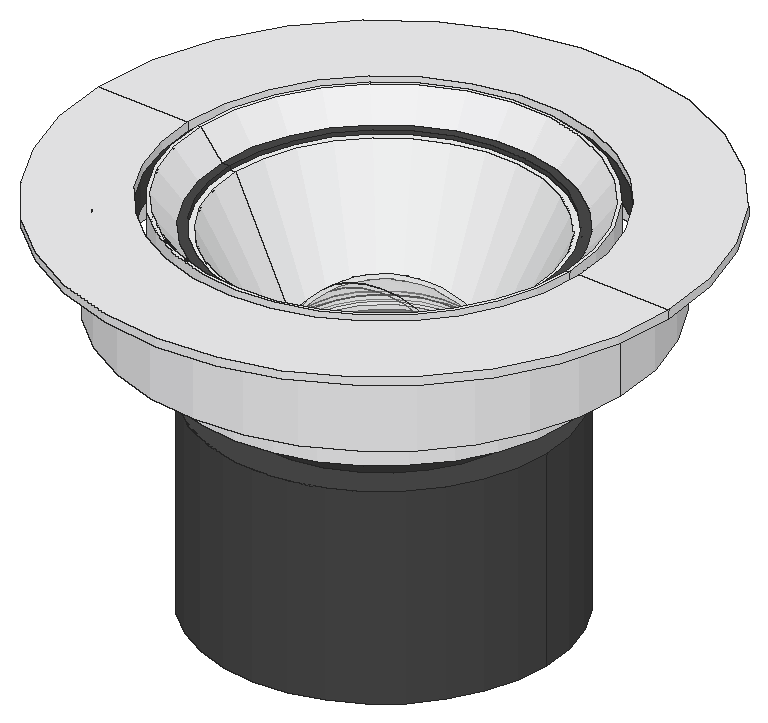
Revit family "2070078", category Lighting Fixtures, host Face, Revit 2018
Family settings
  Host = Face
  Round Connector Dimension = Use Diameter
  Part Type = Normal
  OmniClass Number = 23.80.70.11.17
  OmniClass Title = Specialized Lighting by Location or Use
  Cut with Voids When Loaded = No
  Light Source = No
  Shared = No
  Room Calculation Point = No
Parameters (values of type "2070078 EXPOSPOT 90 ADJ HO RA90 4000K WB WHITE")
  Weight = 0.77 kg  # constant formula
  Total Power Consumption = 27.9994 W
  Reflector Material = Aluminum_Sylvania_Expospot_Polished
  Radius = Diameter / 2  # 75.0 mm
  Product Code = "0060262"
  Photometric Web File = IES_Expospot_90_Adjustable : 0060296
  Photobiological Risk Group = "RG1"  # constant formula
  Nominal Frequency = "50/60Hz"  # constant formula
  Mounting Outer Radius = Head Radius + 3.0 mm  # 52.0 mm
  Max. Luminaires per 20A C Breaker = "45"  # constant formula
  Max. Luminaires per 20A B Breaker = "27"  # constant formula
  Max. Luminaires per 16A C Breaker = "35"  # constant formula
  Max. Luminaires per 16A B Breaker = "21"  # constant formula
  Max. Luminaires per 13A C Breaker = "28"  # constant formula
  Max. Luminaires per 13A B Breaker = "17"  # constant formula
  Max. Luminaires per 10A C Breaker = "21"  # constant formula
  Max. Luminaires per 10A B Breaker = "13"  # constant formula
  Light Loss Factor = 1  # constant formula
  Lamp Power Factor = 0.92
  LOR = "100%"  # constant formula
  Keynote = "n/a"
  Inrush Duration = "250µs"  # constant formula
  Inrush Current = 19.4 A  # constant formula
  Initial Intensity = 3126 lm
  Initial Color = 3000 K
  IP Rating = "IP20"  # constant formula
  IK Rating = "IK02"  # constant formula
  Height = 103.0 mm  # constant formula
  Voltage Comments = "220-240V~"  # constant formula
  Voltage = 240 V  # constant formula
  URL = "0.95"
  Product Page URL = "http://www.sylvania-lighting.com/product/en-int/products/0060262"
  Product Family = "EXPOSPOT 90 ADJUSTABLE"  # constant formula
  Head Radius = Radius - 26.0 mm  # 49.0 mm
  Head Diameter = Head Radius * 2  # 98.0 mm
  Head Angle [instance] = 0°
  Glow Wire Test = 850 °C  # constant formula
  Electrical Protection = "Class II"  # constant formula
  Drive Current = "700mA"  # constant formula
  Dimmable = "N"  # constant formula
  Diffuser Material = Acrylic_Sylvania_Expospot_3000K
  Diameter = 150.0 mm  # constant formula
  Cutout Diameter = Diameter - 10.0 mm  # 140.0 mm
  Created by URL = "http://all1studio.com/"
  Created by = "All 1 Studio Ltd. "  # constant formula
  Control Gear Type = "Electronic"  # constant formula
  Control Gear Required = "No"  # constant formula
  Control Gear Mounting = "Remote"  # constant formula
  Colour Variation Initial = "3SDCM"  # constant formula
  built-in parameter 1114216 [instance] = 1 (stored number, unit not read)
  Model = "EXPOSPOT 90 ADJUSTABLE HO RA90 4000K WB WHITE"
  Manufacturer = "Feilo Sylvania"  # constant formula
  Lamp = "LED"  # constant formula
  CRI = "80Ra"
  Body Material = Aluminum_Sylvania_Expospot_White
  Description = "Specifically designed for Retail and Display applications. I.e. Supermarkets Fashion Retail Department stores. Build around a 90mm reflector and lens combination."  # constant formula
  Default Elevation = 0.0 mm
  built-in parameter 1140040 [instance] = 1
  Beam Angle = 47°
  Average Life = "50 000h"  # constant formula
  Assembly Code = "D5020200"
  Apparent Load Comments = ""
  Apparent Load = 35 VA
  Body Secondary Material = Plastic_Sylvania_Expospot_Black
Reference planes
  plane 1 "Center (Front/Back)": y = 0
  plane 2: z = 0
  plane 3 "Center (Left/Right)": x = -7.423
  plane 4: z = 2
  plane 5: z = -22.5
  plane 6: x = -82.423
  plane 7: z = -5
Forms (mm)
  Revolve 1, solid, material "Aluminum_Sylvania_Expospot_White" <- "Body Material", detail levels fine
    sketch origin (0, 0, 0) x (1, 0, 0) y (0, 0, 1)
      loop
        line (-82.423, 2) -> (-82.423, 0) -> (-69.923, 0) -> (-69.923, -22.5) -> (-67.923, -22.5) -> (-67.923, 0) -> (-58.923, 0) -> (-58.923, 2) -> (-82.423, 2)
      axis (-7.423, 2) -> (-7.423, -22.5)
    angle from 0 to 360
  Revolve 2, solid, material "Plastic_Sylvania_Expospot_Black" <- "Body Secondary Material", detail levels fine
    sketch origin (0, 0, 0) x (1, 0, 0) y (0, 0, 1)
      loop
        line (-67.923, 0) -> (-67.923, -1.5) -> (-60.923, -1.5) -> (-60.923, -8.5) -> (-59.423, -8.5) -> (-59.423, 0) -> (-67.923, 0)
      axis (-7.423, 0) -> (-7.423, -8.5)
    angle from 0 to 360
  Extrusion 3, void
    sketch origin (0, 0, 0) x (1, 0, 0) y (0, 1, 0)
      loop
        circle (-7.423, 0) r 70
    from -116.997 to 69.443
  Extrusion 4, solid, material "Aluminum_Sylvania_Expospot_White" <- "Body Material", detail levels fine
    sketch origin (-7.423, 0, 0) x (0, 1, 0) y (0, 0, 1)
      loop
        circle (0, -5) r 3.5
    from 49 <- "Head Radius" to 52 <- "Mounting Outer Radius"
  Extrusion 5, solid, material "Aluminum_Sylvania_Expospot_White" <- "Body Material", detail levels fine
    sketch origin (-7.423, 0, 0) x (0, 1, 0) y (0, 0, -1)
      loop
        circle (0, 5) r 3.5
    from 49 <- "Head Radius" to 52 <- "Mounting Outer Radius"
  Revolve 6, solid, material "Aluminum_Sylvania_Expospot_White" <- "Body Material", detail levels coarse+medium
    sketch origin (0, 0, 0) x (1, 0, 0) y (0, 0, 1)
      loop
        line (-82.423, 2) -> (-82.423, 0) -> (-69.923, 0) -> (-69.923, -22.5) -> (-67.923, -22.5) -> (-67.923, -8.5) -> (-58.923, -8.5) -> (-58.923, 2) -> (-82.423, 2)
      axis (-7.423, 2) -> (-7.423, -22.5)
    angle from 0 to 360
Lines and regions (mm)
  Masking region 1
    outline origin (0, 0, 0) x (1, 0, 0) y (0, 1, 0)
      loop
        circle (-7.423, 0) r 75
  reference lines
    curve 1: line (-7.423, 0, -5) -> (-7.423, 0, -60)
  symbolic lines, detail levels fine
    curve 2: arc (-58.923, 0, 0) -> (-7.423, 51.5, 0) -> (44.077, 0, 0) r 51.5
    curve 3: arc (44.077, 0, 0) -> (-7.423, -51.5, 0) -> (-58.923, 0, 0) r 51.5
Dimensions and locks
  plane 4 to plane 2 to plane 7 to plane 5 = 2.0 mm locked, 5.0 mm locked, 17.5 mm locked
  "Radius": plane 6 to plane 3 "Center (Left/Right)"
  "Cutout Diameter": diameter of Extrusion 3 sketch curve
  "Head Angle": angle plane 1 "Center (Front/Back)" to curve 1
  aligned and locked: host face to plane 2
  aligned and locked: host face to level
  aligned and locked: plane 6 to Revolve 1 sketch curve
  aligned and locked: Revolve 1 sketch curve to plane 3 "Center (Left/Right)"
  aligned and locked: plane 1 "Center (Front/Back)" to curve 1
  aligned and locked: plane 7 to curve 1
  aligned and locked: plane 6 to Revolve 6 sketch curve
Automatic sketch dimensions
  host sketch curve to host sketch curve = 1412.252 mm
  host sketch curve to host sketch curve = 1359.6 mm
  Revolve 1 sketch curve to level = 0.0 mm  (x2)
  Revolve 1 sketch curve to plane 5 = 0.0 mm
  Revolve 1 sketch curve to plane 4 = 0.0 mm
  Revolve 1 sketch curve to Revolve 1 sketch curve = 12.5 mm
  Revolve 1 sketch curve to Revolve 1 sketch curve = 2.0 mm
  Revolve 1 sketch curve to Revolve 1 sketch curve = 9.0 mm
  Revolve 1 sketch curve to plane 5 = 349.774 mm
  plane 4 to Revolve 1 sketch curve = 1145.706 mm
  Revolve 2 sketch curve to level = 0.0 mm
  Revolve 2 sketch curve to plane 3 "Center (Left/Right)" = 0.0 mm
  Revolve 2 sketch curve to plane 6 = 23.0 mm
  Revolve 2 sketch curve to Revolve 2 sketch curve = 1.5 mm
  Revolve 2 sketch curve to level = 1.5 mm
  Revolve 2 sketch curve to Revolve 2 sketch curve = 7.0 mm
  Revolve 2 sketch curve to plane 7 = 3.5 mm
  Revolve 2 sketch curve to plane 5 = 349.774 mm
  plane 4 to Revolve 2 sketch curve = 1145.706 mm
  plane 1 "Center (Front/Back)" to Extrusion 3 sketch curve = 0.0 mm
  Extrusion 3 sketch curve to plane 3 "Center (Left/Right)" = 0.0 mm
  Extrusion 4 sketch curve to plane 1 "Center (Front/Back)" = 0.0 mm
  Extrusion 4 sketch curve to plane 7 = 0.0 mm
  Extrusion 5 sketch curve to plane 1 "Center (Front/Back)" = 0.0 mm
  Extrusion 5 sketch curve to plane 7 = 0.0 mm
  Revolve 6 sketch curve to level = 0.0 mm
  Revolve 6 sketch curve to plane 5 = 0.0 mm
  Revolve 6 sketch curve to plane 4 = 0.0 mm
  Revolve 6 sketch curve to plane 3 "Center (Left/Right)" = 0.0 mm
  Revolve 6 sketch curve to plane 6 = 12.5 mm
  Revolve 6 sketch curve to plane 7 = 3.5 mm
  Revolve 6 sketch curve to Revolve 6 sketch curve = 9.0 mm
  Revolve 6 sketch curve to plane 5 = 349.774 mm
  plane 4 to Revolve 6 sketch curve = 1145.706 mm
  Revolve 6 sketch curve to Revolve 6 sketch curve = 2.0 mm
  Masking region 1 sketch curve to Masking region 1 sketch curve = 0.0 mm  (x2)
  plane 1 "Center (Front/Back)" to Masking region 1 sketch curve = 0.0 mm
  Masking region 1 sketch curve to plane 6 = 0.0 mm
  Masking region 1 sketch curve to plane 3 "Center (Left/Right)" = 0.0 mm
  curve 2 to curve 3 = 0.0 mm  (x2)
  plane 1 "Center (Front/Back)" to curve 2 = 0.0 mm
  curve 3 to plane 3 "Center (Left/Right)" = 0.0 mm
  curve 3 to plane 6 = 23.5 mm
  radius of Extrusion 4 sketch curve = 3.5 mm
  radius of Extrusion 5 sketch curve = 3.5 mm
Nested families
  nested 1: "Head_Expospot 90" at (-7.423, 0, 2), type "Head_Expospot 90"
  nested 2: "IES_Expospot_90_Adjustable" at (-7.423, 0, 2), type <- "Photometric Web File", type "0060296"
Connectors
  electrical at (-7.423, 0, -101), driven by "Voltage", driven by "Apparent Load", driven by "Lamp Power Factor"
    settings: on nested 1, index 1, voltage 240 V, apparent load 0 VA, apparent load phase1 35 VA, apparent load phase2 0 VA, apparent load phase3 0 VA, power factor 0.92, load classification "Lighting", number of poles 1, system type 31, power factor state 1, is connector primary yes, connector utility no, sub classification motor no, connector description ""
Definition of nested family "Head_Expospot 90"
  Parameters (values of type "Head_Expospot 90")
    Reflector Material = none
    Radius = 49.0 mm
    Height = 103.0 mm
    Diffuser Material = none
    Default Elevation = 0.0 mm
    Cooling Radius = Radius - 6.0 mm  # 43.0 mm
    Body Secondary Material = none
    Body Material = none
  Reference planes
    plane 1 "Center (Front/Back)": y = 0
    plane 2: z = 0
    plane 3 "Center (Left/Right)": x = 0
    plane 4: z = -35.5
    plane 5: z = -6.5
    plane 6 "Fixture Radius": x = -49
    plane 7: z = -45
    plane 8: z = -95
    plane 9: z = -103
    plane 10 "Diffuser Radius": x = -24.5
    plane 11: z = -36.5
  Forms (mm)
    Revolve 1, solid, material <- "Body Material", detail levels fine
      sketch origin (0, 0, 0) x (1, 0, 0) y (0, 0, 1)
        loop
          line (-49, 0) -> (-49, -35.5) -> (-47, -35.5) -> (-47, -4.542) -> (-45.357, -6.5) -> (-42.746, -6.5) -> (-48.2, 0) -> (-49, 0)
        axis (0, 0) -> (0, -35.5)
      angle from 0 to 360
    Revolve 2, solid, material <- "Reflector Material", detail levels fine
      sketch origin (0, 0, 0) x (1, 0, 0) y (0, 0, 1)
        loop
          line (-41, -7.5) -> (-41, -8.5) -> (-39.623, -8.5) -> (-25.123, -37.5) -> (-20.5, -37.5) -> (-20.5, -36.5) -> (-24.5, -36.5) -> (-39, -7.5) -> (-41, -7.5)
        axis (0, -7.5) -> (0, -37.5)
      angle from 0 to 360
    Revolve 3, solid, material <- "Body Secondary Material", detail levels fine
      sketch origin (0, 0, 0) x (1, 0, 0) y (0, 0, 1)
        loop
          line (-47, -6.5) -> (-47, -35.5) -> (-42.5, -35.5) -> (-35.078, -45) -> (0, -45) -> (0, -37.5) -> (-24.5, -37.5) -> (-24.5, -44) -> (-34.59, -44) -> (-42.012, -34.5) -> (-46, -34.5) -> (-46, -7.5) -> (-40.5, -7.5) -> (-40.5, -6.5) -> (-47, -6.5)
        axis (0, -6.5) -> (0, -45)
      angle from 0 to 360
    Revolve 4, solid, material <- "Body Secondary Material", detail levels fine
      sketch origin (0, 0, 0) x (1, 0, 0) y (0, 0, 1)
        loop
          line (-30, -95) -> (-30, -97) -> (-28, -103) -> (0, -103) -> (0, -95) -> (-30, -95)
        axis (0, -95) -> (0, -103)
      angle from 0 to 360
    Extrusion 5, solid, material <- "Body Secondary Material", detail levels fine
      sketch origin (0, 0, 0) x (1, 0, 0) y (0, 1, 0)
        loop
          circle (0, 0) r 43
      from -95 to -45
    Extrusion 6, solid, material <- "Body Material", detail levels coarse+medium
      sketch origin (0, 0, 0) x (1, 0, 0) y (0, 1, 0)
        loop
          circle (0, 0) r 49
      from -103 to 0
    Revolve 7, solid, material <- "Diffuser Material", detail levels fine
      sketch origin (0, 0, 0) x (1, 0, 0) y (0, 0, 1)
        loop
          line (-22.5, -34.5) -> (-22.5, -36.5) -> (-21.5, -36.5) -> (-21.5, -34.77)
          arc (-21.5, -34.77) -> (-12.378, -25.783) -> (0, -22.5) r 24.971
          line (0, -22.5) -> (0, -21.5)
          arc (0, -21.5) -> (-12.993, -24.984) -> (-22.5, -34.5) r 25.971
        axis (0, -21.5) -> (0, -36.5)
      angle from 0 to 360
  Dimensions and locks
    "Radius": plane 3 "Center (Left/Right)" to plane 6 "Fixture Radius"
    locked: Revolve 4 sketch curve to plane 6 "Fixture Radius" at 19
    locked: plane 10 "Diffuser Radius" to plane 6 "Fixture Radius" at 24.5
    Revolve 7 sketch curve to Revolve 7 sketch curve to plane 11 = 1.0 mm locked, 14.0 mm locked
    plane 10 "Diffuser Radius" to Revolve 7 sketch curve to Revolve 7 sketch curve = 2.0 mm locked, 1.0 mm locked
    "Height": plane 2 to plane 9
    locked: plane 8 to plane 9 at 8
    plane 2 to plane 5 to plane 4 to plane 11 to plane 7 = 6.5 mm locked, 29.0 mm locked, 1.0 mm locked, 8.5 mm locked
    "Radius": radius of Extrusion 6 sketch curve
    "Cooling Radius": radius of Extrusion 5 sketch curve
    aligned and locked: level to plane 2
    aligned and locked: Revolve 1 sketch curve to plane 6 "Fixture Radius"
    aligned and locked: Extrusion 5 to plane 8
    aligned and locked: plane 7 to Extrusion 5
    aligned and locked: Extrusion 6 to plane 9
    aligned and locked: plane 2 to Extrusion 6
    aligned and locked: Revolve 1 sketch curve to plane 4
  Automatic sketch dimensions
    Revolve 4 sketch curve to plane 8 = 0.0 mm
    Revolve 4 sketch curve to plane 9 = 0.0 mm
    Revolve 4 sketch curve to plane 3 "Center (Left/Right)" = 0.0 mm  (x2)
    Revolve 4 sketch curve to plane 8 = 2.0 mm
    Revolve 4 sketch curve to Revolve 4 sketch curve = 2.0 mm
    Revolve 4 sketch curve to plane 9 = 265.545 mm
    level to Revolve 4 sketch curve = 2214.315 mm
    Revolve 1 sketch curve to level = 0.0 mm
    Revolve 1 sketch curve to plane 3 "Center (Left/Right)" = 0.0 mm
    Revolve 1 sketch curve to Revolve 1 sketch curve = 0.8 mm
    Revolve 1 sketch curve to Revolve 1 sketch curve = 2.0 mm
    plane 5 to Revolve 1 sketch curve = 1.958 mm
    Revolve 1 sketch curve to plane 5 = 0.0 mm
    Revolve 1 sketch curve to Revolve 1 sketch curve = 1.643 mm
    Revolve 1 sketch curve to Revolve 1 sketch curve = 2.611 mm
    Revolve 1 sketch curve to plane 9 = 288.545 mm
    level to Revolve 1 sketch curve = 2214.315 mm
    plane 10 "Diffuser Radius" to Revolve 2 sketch curve = 0.0 mm
    Revolve 2 sketch curve to plane 3 "Center (Left/Right)" = 0.0 mm
    Revolve 2 sketch curve to plane 11 = 0.0 mm
    Revolve 2 sketch curve to plane 5 = 1.0 mm
    plane 6 "Fixture Radius" to Revolve 2 sketch curve = 10.0 mm
    Revolve 2 sketch curve to Revolve 2 sketch curve = 2.0 mm
    Revolve 2 sketch curve to plane 10 "Diffuser Radius" = 4.0 mm
    Revolve 2 sketch curve to Revolve 2 sketch curve = 383.045 mm
    Revolve 2 sketch curve to Revolve 2 sketch curve = 2221.815 mm
    plane 10 "Diffuser Radius" to Revolve 2 sketch curve = 0.623 mm
    Revolve 2 sketch curve to Revolve 2 sketch curve = 0.623 mm
    Revolve 2 sketch curve to Revolve 2 sketch curve = 1.0 mm
    Revolve 2 sketch curve to plane 11 = 1.0 mm
    Revolve 3 sketch curve to plane 5 = 0.0 mm
    Revolve 3 sketch curve to plane 4 = 0.0 mm
    Revolve 3 sketch curve to plane 7 = 0.0 mm
    plane 10 "Diffuser Radius" to Revolve 3 sketch curve = 0.0 mm
    Revolve 3 sketch curve to plane 3 "Center (Left/Right)" = 0.0 mm  (x2)
    plane 7 to Revolve 3 sketch curve = 1.0 mm
    plane 10 "Diffuser Radius" to Revolve 3 sketch curve = 10.09 mm
    Revolve 3 sketch curve to Revolve 3 sketch curve = 0.488 mm  (x2)
    Revolve 3 sketch curve to plane 5 = 1.0 mm
    plane 6 "Fixture Radius" to Revolve 3 sketch curve = 8.5 mm
    plane 4 to Revolve 3 sketch curve = 1.0 mm
    plane 6 "Fixture Radius" to Revolve 3 sketch curve = 6.988 mm
    plane 6 "Fixture Radius" to Revolve 3 sketch curve = 3.0 mm
    Revolve 3 sketch curve to Revolve 3 sketch curve = 1.0 mm
    Revolve 3 sketch curve to plane 9 = 265.545 mm
    level to Revolve 3 sketch curve = 2214.315 mm
    Revolve 3 sketch curve to plane 11 = 1.0 mm
    Revolve 7 sketch curve to Revolve 7 sketch curve = 0.0 mm
    Revolve 7 sketch curve to plane 11 = 0.0 mm
    Revolve 7 sketch curve to plane 3 "Center (Left/Right)" = 0.0 mm  (x2)
    plane 4 to Revolve 7 sketch curve = 0.73 mm
    Revolve 7 sketch curve to plane 9 = 278.0 mm
    level to Revolve 7 sketch curve = 156.383 mm
    plane 1 "Center (Front/Back)" to Extrusion 5 sketch curve = 0.0 mm
    Extrusion 5 sketch curve to plane 3 "Center (Left/Right)" = 0.0 mm
    plane 1 "Center (Front/Back)" to Extrusion 6 sketch curve = 0.0 mm
    Extrusion 6 sketch curve to plane 3 "Center (Left/Right)" = 0.0 mm
Definition of nested family "IES_Expospot_90_Adjustable"
  Parameters (values of type "0060286")
    Wattage = 34.9993 W
    built-in parameter 1150110 = 1 (stored number, unit not read)
    Total Power Consumption = 34.9993 W
    built-in parameter 1114217 = 1 (stored number, unit not read)
    Tilt Angle = -90°
    built-in parameter 1150109 = 1 (stored number, unit not read)
    built-in parameter 1150134 = (empty or 0)
    built-in parameter 1150113 = 1 (stored number, unit not read)
    Photometric Web File = "0060286.ies"
    built-in parameter 1150105 = 296.11 (stored number, unit not read)
    Lumens = 3721 lm
    built-in parameter 1150115 = 1 (stored number, unit not read)
    built-in parameter 1150137 = (empty or 0)
    built-in parameter 1150139 = (empty or 0)
    built-in parameter 1150112 = 1 (stored number, unit not read)
    built-in parameter 1150114 = 1 (stored number, unit not read)
    built-in parameter 1150132 = 2
    built-in parameter 1150102 = 3721
    built-in parameter 1150107 = 3000 (stored number, unit not read)
    built-in parameter 1150138 = 3000
    built-in parameter 1150106 = 2.9611 (stored number, unit not read)
    Emit from Circle Diameter = 98.0 mm
    Emit Shape Visible in Rendering = no
    built-in parameter 1150104 = 9.8771 (stored number, unit not read)
    Dimming Lamp Color Temperature Shift = (empty or 0)
    Default Elevation = 0.0 mm
    Color Filter = 16777215
    built-in parameter 1114218 = 1 (stored number, unit not read)
    built-in parameter 1150133 = 10 (stored number, unit not read)
    Apparent Load = 34.9993 VA
  Types (24, lengths in mm): name | Wattage | Total Power Consumption | built-in parameter 1150134 | Photometric Web File | built-in parameter 1150105 | Lumens | built-in parameter 1150102 | built-in parameter 1150107 | built-in parameter 1150138 | built-in parameter 1150106 | built-in parameter 1150104 | Apparent Load
    0060296 | 34.9993 W | 34.9993 W | 12 | "0060296.ies" | 276.85 (stored number, unit not read) | 3479 lm | 3479 | 4000 (stored number, unit not read) | 4000 | 2.7685 (stored number, unit not read) | 9.2348 (stored number, unit not read) | 34.9993 VA
    0060295 | 34.9993 W | 34.9993 W | 12 | "0060295.ies" | 275.18 (stored number, unit not read) | 3458 lm | 3458 | 4000 (stored number, unit not read) | 4000 | 2.7518 (stored number, unit not read) | 9.179 (stored number, unit not read) | 34.9993 VA
    0060294 | 34.9993 W | 34.9993 W | 12 | "0060294.ies" | 284.09 (stored number, unit not read) | 3570 lm | 3570 | 4000 (stored number, unit not read) | 4000 | 2.8409 (stored number, unit not read) | 9.4763 (stored number, unit not read) | 34.9993 VA
    0060293 | 34.9993 W | 34.9993 W | (empty or 0) | "0060293.ies" | 262.05 (stored number, unit not read) | 3293 lm | 3293 | 3000 (stored number, unit not read) | 3000 | 2.6205 (stored number, unit not read) | 8.741 (stored number, unit not read) | 34.9993 VA
    0060292 | 34.9993 W | 34.9993 W | (empty or 0) | "0060292.ies" | 253.06 (stored number, unit not read) | 3180 lm | 3180 | 3000 (stored number, unit not read) | 3000 | 2.5306 (stored number, unit not read) | 8.4411 (stored number, unit not read) | 34.9993 VA
    0060291 | 34.9993 W | 34.9993 W | (empty or 0) | "0060291.ies" | 268.1 (stored number, unit not read) | 3369 lm | 3369 | 3000 (stored number, unit not read) | 3000 | 2.681 (stored number, unit not read) | 8.9428 (stored number, unit not read) | 34.9993 VA
    0060290 | 34.9993 W | 34.9993 W | 12 | "0060290.ies" | 313.69 (stored number, unit not read) | 3942 lm | 3942 | 4000 (stored number, unit not read) | 4000 | 3.1369 (stored number, unit not read) | 10.464 (stored number, unit not read) | 34.9993 VA
    0060289 | 34.9993 W | 34.9993 W | 12 | "0060289.ies" | 306.53 (stored number, unit not read) | 3852 lm | 3852 | 4000 (stored number, unit not read) | 4000 | 3.0653 (stored number, unit not read) | 10.225 (stored number, unit not read) | 34.9993 VA
    0060288 | 34.9993 W | 34.9993 W | 12 | "0060288.ies" | 327.94 (stored number, unit not read) | 4121 lm | 4121 | 4000 (stored number, unit not read) | 4000 | 3.2794 (stored number, unit not read) | 10.939 (stored number, unit not read) | 34.9993 VA
    0060287 | 34.9993 W | 34.9993 W | (empty or 0) | "0060287.ies" | 297.3 (stored number, unit not read) | 3736 lm | 3736 | 3000 (stored number, unit not read) | 3000 | 2.973 (stored number, unit not read) | 9.9169 (stored number, unit not read) | 34.9993 VA
    0060286 | 34.9993 W | 34.9993 W | (empty or 0) | "0060286.ies" | 296.11 (stored number, unit not read) | 3721 lm | 3721 | 3000 (stored number, unit not read) | 3000 | 2.9611 (stored number, unit not read) | 9.8771 (stored number, unit not read) | 34.9993 VA
    0060272 | 27.9994 W | 27.9994 W | 12 | "0060272.ies" | 227.19 (stored number, unit not read) | 2855 lm | 2855 | 4000 (stored number, unit not read) | 4000 | 2.2719 (stored number, unit not read) | 9.473 (stored number, unit not read) | 27.9994 VA
    0060271 | 27.9994 W | 27.9994 W | 12 | "0060271.ies" | 225.68 (stored number, unit not read) | 2836 lm | 2836 | 4000 (stored number, unit not read) | 4000 | 2.2568 (stored number, unit not read) | 9.4099 (stored number, unit not read) | 27.9994 VA
    0060270 | 27.9994 W | 27.9994 W | 12 | "0060270.ies" | 221.94 (stored number, unit not read) | 2789 lm | 2789 | 4000 (stored number, unit not read) | 4000 | 2.2194 (stored number, unit not read) | 9.254 (stored number, unit not read) | 27.9994 VA
    0060269 | 27.9994 W | 27.9994 W | (empty or 0) | "0060269.ies" | 206.03 (stored number, unit not read) | 2589 lm | 2589 | 3000 (stored number, unit not read) | 3000 | 2.0603 (stored number, unit not read) | 8.5904 (stored number, unit not read) | 27.9994 VA
    0060268 | 27.9994 W | 27.9994 W | (empty or 0) | "0060268.ies" | 204.75 (stored number, unit not read) | 2573 lm | 2573 | 3000 (stored number, unit not read) | 3000 | 2.0475 (stored number, unit not read) | 8.5373 (stored number, unit not read) | 27.9994 VA
    0060267 | 27.9994 W | 27.9994 W | (empty or 0) | "0060267.ies" | 201.81 (stored number, unit not read) | 2536 lm | 2536 | 3000 (stored number, unit not read) | 3000 | 2.0181 (stored number, unit not read) | 8.4145 (stored number, unit not read) | 27.9994 VA
    0060266 | 27.9994 W | 27.9994 W | 12 | "0060266.ies" | 256.96 (stored number, unit not read) | 3229 lm | 3229 | 4000 (stored number, unit not read) | 4000 | 2.5696 (stored number, unit not read) | 10.714 (stored number, unit not read) | 27.9994 VA
    0060265 | 27.9994 W | 27.9994 W | 12 | "0060265.ies" | 257.19 (stored number, unit not read) | 3232 lm | 3232 | 4000 (stored number, unit not read) | 4000 | 2.5719 (stored number, unit not read) | 10.724 (stored number, unit not read) | 27.9994 VA
    0060264 | 27.9994 W | 27.9994 W | 12 | "0060264.ies" | 250.27 (stored number, unit not read) | 3145 lm | 3145 | 4000 (stored number, unit not read) | 4000 | 2.5027 (stored number, unit not read) | 10.435 (stored number, unit not read) | 27.9994 VA
    0060263 | 27.9994 W | 27.9994 W | (empty or 0) | "0060263.ies" | 252.58 (stored number, unit not read) | 3174 lm | 3174 | 3000 (stored number, unit not read) | 3000 | 2.5258 (stored number, unit not read) | 10.531 (stored number, unit not read) | 27.9994 VA
    0060262 | 27.9994 W | 27.9994 W | (empty or 0) | "0060262.ies" | 248.76 (stored number, unit not read) | 3126 lm | 3126 | 3000 (stored number, unit not read) | 3000 | 2.4876 (stored number, unit not read) | 10.372 (stored number, unit not read) | 27.9994 VA
    0060261 | 27.9993 W | 28 W | (empty or 0) | "0060261.ies" | 3140.4 (stored number, unit not read) | 3174 lm | 3479 | 3000 (stored number, unit not read) | 4000 | 31.404 (stored number, unit not read) | 10.531 (stored number, unit not read) | 28 VA
    0060285 | 35.0009 W | 34.9993 W | (empty or 0) | "0060285.ies" | 4452.3 (stored number, unit not read) | 3946 lm | 3721 | 3000 (stored number, unit not read) | 3000 | 44.523 (stored number, unit not read) | 10.474 (stored number, unit not read) | 34.9993 VA
  Reference planes
    plane 1 "Center (Front/Back)": y = 0
    plane 2: z = 0
    plane 3 "Center (Left/Right)": x = 0
  Dimensions and locks
    aligned and locked: level to plane 2
    aligned and locked: plane 3 "Center (Left/Right)" to imposter light
    aligned and locked: plane 1 "Center (Front/Back)" to imposter light
    aligned and locked: level to imposter light
